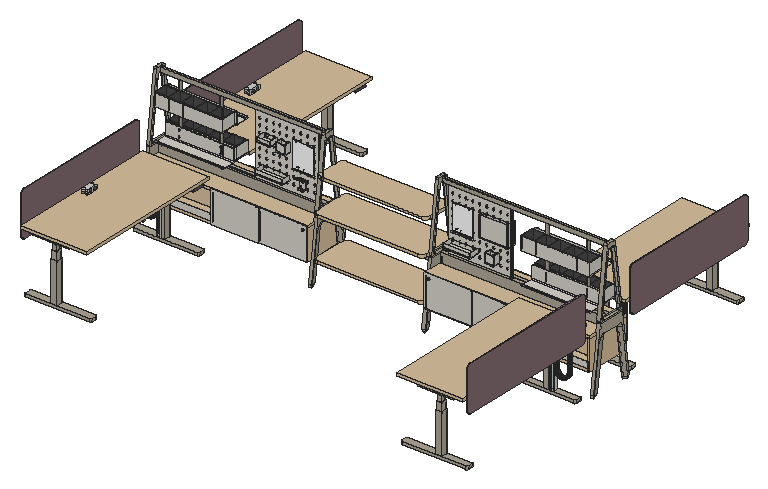
Revit family "Layout-Teknion-Expansion_Cityline_Upper_Structure_01-R2021", category Furniture Systems, Revit 2021 (continued)
Definition of nested family "Accessories-Teknion-JZTMA_Lift_And_Drop_Tile_Metal_Accessory-R2021"
  Dimensions and locks (in)
    Sweep 6 sketch curve to Sweep 6 sketch curve to Sweep 6 sketch curve to Sweep 6 sketch curve to Sweep 6 sketch curve to Sweep 6 sketch curve to Sweep 6 sketch curve to Sweep 6 sketch curve to Sweep 6 sketch curve to Sweep 6 sketch curve to Sweep 6 sketch curve to Sweep 6 sketch curve to Sweep 6 sketch curve to Sweep 6 sketch curve to Sweep 6 sketch curve to Sweep 6 sketch curve to Sweep 6 sketch curve to Sweep 6 sketch curve to Sweep 6 sketch curve to Sweep 6 sketch curve to Sweep 6 sketch curve to Sweep 6 sketch curve to Sweep 6 sketch curve to Sweep 6 sketch curve to Sweep 6 sketch curve to Sweep 6 sketch curve to plane 3 "Center Left/Right" to Sweep 6 sketch curve to Sweep 6 sketch curve to Sweep 6 sketch curve to Sweep 6 sketch curve to Sweep 6 sketch curve to Sweep 6 sketch curve to Sweep 6 sketch curve to Sweep 6 sketch curve to Sweep 6 sketch curve to Sweep 6 sketch curve to Sweep 6 sketch curve to Sweep 6 sketch curve to Sweep 6 sketch curve to Sweep 6 sketch curve to Sweep 6 sketch curve to Sweep 6 sketch curve to Sweep 6 sketch curve to Sweep 6 sketch curve to Sweep 6 sketch curve to Sweep 6 sketch curve to Sweep 6 sketch curve to Sweep 6 sketch curve to Sweep 6 sketch curve to Sweep 6 sketch curve to Sweep 6 sketch curve to Sweep 6 sketch curve = 0.22638" locked, 0.35433" locked, 0.22638" locked, 2.19291" locked, 0.22638" locked, 0.35433" locked, 0.22638" locked, 2.19291" locked, 0.22638" locked, 0.35433" locked, 0.22638" locked, 2.19291" locked, 0.22638" locked, 0.35433" locked, 0.22638" locked, 2.19291" locked, 0.22638" locked, 0.35433" locked, 0.22638" locked, 2.19291" locked, 0.22638" locked, 0.35433" locked, 0.22638" locked, 2.19291" locked, 0.22638" locked, 0.17717" locked, 0.17717" locked, 0.22638" locked, 2.19291" locked, 0.22638" locked, 0.35433" locked, 0.22638" locked, 2.19291" locked, 0.22638" locked, 0.35433" locked, 0.22638" locked, 2.19291" locked, 0.22638" locked, 0.35433" locked, 0.22638" locked, 2.19291" locked, 0.22638" locked, 0.35433" locked, 0.22638" locked, 2.19291" locked, 0.22638" locked, 0.35433" locked, 0.22638" locked, 2.19291" locked, 0.22638" locked, 0.35433" locked, 0.22638" locked
    locked: Sweep 7 sketch curve to plane 1 "Center Front/Back" at 1.5
    "Cut-Out - Plus (57)": Sweep 7 sketch curve to Sweep 7 sketch curve
    Sweep 7 sketch curve to Sweep 7 sketch curve to Sweep 7 sketch curve to Sweep 7 sketch curve to plane 9 = 0.22638" locked, 0.35433" locked, 0.22638" locked, 11.95093" locked
    Sweep 7 sketch curve to Sweep 7 sketch curve to Sweep 7 sketch curve to Sweep 7 sketch curve to Sweep 7 sketch curve to Sweep 7 sketch curve to Sweep 7 sketch curve to Sweep 7 sketch curve to Sweep 7 sketch curve to Sweep 7 sketch curve to Sweep 7 sketch curve to Sweep 7 sketch curve to Sweep 7 sketch curve to Sweep 7 sketch curve to Sweep 7 sketch curve to Sweep 7 sketch curve to Sweep 7 sketch curve to Sweep 7 sketch curve to Sweep 7 sketch curve to Sweep 7 sketch curve to Sweep 7 sketch curve to Sweep 7 sketch curve to Sweep 7 sketch curve to Sweep 7 sketch curve to Sweep 7 sketch curve to Sweep 7 sketch curve to plane 3 "Center Left/Right" to Sweep 7 sketch curve to Sweep 7 sketch curve to Sweep 7 sketch curve to Sweep 7 sketch curve to Sweep 7 sketch curve to Sweep 7 sketch curve to Sweep 7 sketch curve to Sweep 7 sketch curve to Sweep 7 sketch curve to Sweep 7 sketch curve to Sweep 7 sketch curve to Sweep 7 sketch curve to Sweep 7 sketch curve to Sweep 7 sketch curve to Sweep 7 sketch curve to Sweep 7 sketch curve to Sweep 7 sketch curve to Sweep 7 sketch curve to Sweep 7 sketch curve to Sweep 7 sketch curve to Sweep 7 sketch curve to Sweep 7 sketch curve to Sweep 7 sketch curve to Sweep 7 sketch curve to Sweep 7 sketch curve to Sweep 7 sketch curve = 0.22638" locked, 0.35433" locked, 0.22638" locked, 2.19291" locked, 0.22638" locked, 0.35433" locked, 0.22638" locked, 2.19291" locked, 0.22638" locked, 0.35433" locked, 0.22638" locked, 2.19291" locked, 0.22638" locked, 0.35433" locked, 0.22638" locked, 2.19291" locked, 0.22638" locked, 0.35433" locked, 0.22638" locked, 2.19291" locked, 0.22638" locked, 0.35433" locked, 0.22638" locked, 2.19291" locked, 0.22638" locked, 0.17717" locked, 0.17717" locked, 0.22638" locked, 2.19291" locked, 0.22638" locked, 0.35433" locked, 0.22638" locked, 2.19291" locked, 0.22638" locked, 0.35433" locked, 0.22638" locked, 2.19291" locked, 0.22638" locked, 0.35433" locked, 0.22638" locked, 2.19291" locked, 0.22638" locked, 0.35433" locked, 0.22638" locked, 2.19291" locked, 0.22638" locked, 0.35433" locked, 0.22638" locked, 2.19291" locked, 0.22638" locked, 0.35433" locked, 0.22638" locked
    locked: Sweep 8 sketch curve to plane 1 "Center Front/Back" at 1.5
    "Cut-Out - Plus (57)": Sweep 8 sketch curve to Sweep 8 sketch curve
    Sweep 8 sketch curve to Sweep 8 sketch curve to Sweep 8 sketch curve to Sweep 8 sketch curve to plane 9 = 0.22638" locked, 0.35433" locked, 0.22638" locked, 14.95093" locked
    Sweep 8 sketch curve to Sweep 8 sketch curve to Sweep 8 sketch curve to Sweep 8 sketch curve to Sweep 8 sketch curve to Sweep 8 sketch curve to Sweep 8 sketch curve to Sweep 8 sketch curve to Sweep 8 sketch curve to Sweep 8 sketch curve to Sweep 8 sketch curve to Sweep 8 sketch curve to Sweep 8 sketch curve to Sweep 8 sketch curve to Sweep 8 sketch curve to Sweep 8 sketch curve to Sweep 8 sketch curve to Sweep 8 sketch curve to Sweep 8 sketch curve to Sweep 8 sketch curve to Sweep 8 sketch curve to Sweep 8 sketch curve to Sweep 8 sketch curve to Sweep 8 sketch curve to Sweep 8 sketch curve to Sweep 8 sketch curve to plane 3 "Center Left/Right" to Sweep 8 sketch curve to Sweep 8 sketch curve to Sweep 8 sketch curve to Sweep 8 sketch curve to Sweep 8 sketch curve to Sweep 8 sketch curve to Sweep 8 sketch curve to Sweep 8 sketch curve to Sweep 8 sketch curve to Sweep 8 sketch curve to Sweep 8 sketch curve to Sweep 8 sketch curve to Sweep 8 sketch curve to Sweep 8 sketch curve to Sweep 8 sketch curve to Sweep 8 sketch curve to Sweep 8 sketch curve to Sweep 8 sketch curve to Sweep 8 sketch curve to Sweep 8 sketch curve to Sweep 8 sketch curve to Sweep 8 sketch curve to Sweep 8 sketch curve to Sweep 8 sketch curve to Sweep 8 sketch curve to Sweep 8 sketch curve = 0.22638" locked, 0.35433" locked, 0.22638" locked, 2.19291" locked, 0.22638" locked, 0.35433" locked, 0.22638" locked, 2.19291" locked, 0.22638" locked, 0.35433" locked, 0.22638" locked, 2.19291" locked, 0.22638" locked, 0.35433" locked, 0.22638" locked, 2.19291" locked, 0.22638" locked, 0.35433" locked, 0.22638" locked, 2.19291" locked, 0.22638" locked, 0.35433" locked, 0.22638" locked, 2.19291" locked, 0.22638" locked, 0.17717" locked, 0.17717" locked, 0.22638" locked, 2.19291" locked, 0.22638" locked, 0.35433" locked, 0.22638" locked, 2.19291" locked, 0.22638" locked, 0.35433" locked, 0.22638" locked, 2.19291" locked, 0.22638" locked, 0.35433" locked, 0.22638" locked, 2.19291" locked, 0.22638" locked, 0.35433" locked, 0.22638" locked, 2.19291" locked, 0.22638" locked, 0.35433" locked, 0.22638" locked, 2.19291" locked, 0.22638" locked, 0.35433" locked, 0.22638" locked
    locked: Sweep 9 sketch curve to plane 1 "Center Front/Back" at 1.5
    "Cut-Out - Plus (57)": Sweep 9 sketch curve to Sweep 9 sketch curve
    Sweep 9 sketch curve to Sweep 9 sketch curve to Sweep 9 sketch curve to Sweep 9 sketch curve to plane 9 = 0.22638" locked, 0.35433" locked, 0.22638" locked, 17.95093" locked
    Sweep 9 sketch curve to Sweep 9 sketch curve to Sweep 9 sketch curve to Sweep 9 sketch curve to Sweep 9 sketch curve to Sweep 9 sketch curve to Sweep 9 sketch curve to Sweep 9 sketch curve to Sweep 9 sketch curve to Sweep 9 sketch curve to Sweep 9 sketch curve to Sweep 9 sketch curve to Sweep 9 sketch curve to Sweep 9 sketch curve to Sweep 9 sketch curve to Sweep 9 sketch curve to Sweep 9 sketch curve to Sweep 9 sketch curve to Sweep 9 sketch curve to Sweep 9 sketch curve to Sweep 9 sketch curve to Sweep 9 sketch curve to Sweep 9 sketch curve to Sweep 9 sketch curve to Sweep 9 sketch curve to Sweep 9 sketch curve to plane 3 "Center Left/Right" to Sweep 9 sketch curve to Sweep 9 sketch curve to Sweep 9 sketch curve to Sweep 9 sketch curve to Sweep 9 sketch curve to Sweep 9 sketch curve to Sweep 9 sketch curve to Sweep 9 sketch curve to Sweep 9 sketch curve to Sweep 9 sketch curve to Sweep 9 sketch curve to Sweep 9 sketch curve to Sweep 9 sketch curve to Sweep 9 sketch curve to Sweep 9 sketch curve to Sweep 9 sketch curve to Sweep 9 sketch curve to Sweep 9 sketch curve to Sweep 9 sketch curve to Sweep 9 sketch curve to Sweep 9 sketch curve to Sweep 9 sketch curve to Sweep 9 sketch curve to Sweep 9 sketch curve to Sweep 9 sketch curve to Sweep 9 sketch curve = 0.22638" locked, 0.35433" locked, 0.22638" locked, 2.19291" locked, 0.22638" locked, 0.35433" locked, 0.22638" locked, 2.19291" locked, 0.22638" locked, 0.35433" locked, 0.22638" locked, 2.19291" locked, 0.22638" locked, 0.35433" locked, 0.22638" locked, 2.19291" locked, 0.22638" locked, 0.35433" locked, 0.22638" locked, 2.19291" locked, 0.22638" locked, 0.35433" locked, 0.22638" locked, 2.19291" locked, 0.22638" locked, 0.17717" locked, 0.17717" locked, 0.22638" locked, 2.19291" locked, 0.22638" locked, 0.35433" locked, 0.22638" locked, 2.19291" locked, 0.22638" locked, 0.35433" locked, 0.22638" locked, 2.19291" locked, 0.22638" locked, 0.35433" locked, 0.22638" locked, 2.19291" locked, 0.22638" locked, 0.35433" locked, 0.22638" locked, 2.19291" locked, 0.22638" locked, 0.35433" locked, 0.22638" locked, 2.19291" locked, 0.22638" locked, 0.35433" locked, 0.22638" locked
    locked: Sweep 10 sketch curve to plane 1 "Center Front/Back" at 1.5
    "Cut-Out - Plus (57)": Sweep 10 sketch curve to Sweep 10 sketch curve
    Sweep 10 sketch curve to Sweep 10 sketch curve to Sweep 10 sketch curve to Sweep 10 sketch curve to plane 9 = 0.22638" locked, 0.35433" locked, 0.22638" locked, 20.95093" locked
    Sweep 10 sketch curve to Sweep 10 sketch curve to Sweep 10 sketch curve to Sweep 10 sketch curve to Sweep 10 sketch curve to Sweep 10 sketch curve to Sweep 10 sketch curve to Sweep 10 sketch curve to Sweep 10 sketch curve to Sweep 10 sketch curve to Sweep 10 sketch curve to Sweep 10 sketch curve to Sweep 10 sketch curve to Sweep 10 sketch curve to Sweep 10 sketch curve to Sweep 10 sketch curve to Sweep 10 sketch curve to Sweep 10 sketch curve to Sweep 10 sketch curve to Sweep 10 sketch curve to Sweep 10 sketch curve to Sweep 10 sketch curve to Sweep 10 sketch curve to Sweep 10 sketch curve to Sweep 10 sketch curve to Sweep 10 sketch curve to plane 3 "Center Left/Right" to Sweep 10 sketch curve to Sweep 10 sketch curve to Sweep 10 sketch curve to Sweep 10 sketch curve to Sweep 10 sketch curve to Sweep 10 sketch curve to Sweep 10 sketch curve to Sweep 10 sketch curve to Sweep 10 sketch curve to Sweep 10 sketch curve to Sweep 10 sketch curve to Sweep 10 sketch curve to Sweep 10 sketch curve to Sweep 10 sketch curve to Sweep 10 sketch curve to Sweep 10 sketch curve to Sweep 10 sketch curve to Sweep 10 sketch curve to Sweep 10 sketch curve to Sweep 10 sketch curve to Sweep 10 sketch curve to Sweep 10 sketch curve to Sweep 10 sketch curve to Sweep 10 sketch curve to Sweep 10 sketch curve to Sweep 10 sketch curve = 0.22638" locked, 0.35433" locked, 0.22638" locked, 2.19291" locked, 0.22638" locked, 0.35433" locked, 0.22638" locked, 2.19291" locked, 0.22638" locked, 0.35433" locked, 0.22638" locked, 2.19291" locked, 0.22638" locked, 0.35433" locked, 0.22638" locked, 2.19291" locked, 0.22638" locked, 0.35433" locked, 0.22638" locked, 2.19291" locked, 0.22638" locked, 0.35433" locked, 0.22638" locked, 2.19291" locked, 0.22638" locked, 0.17717" locked, 0.17717" locked, 0.22638" locked, 2.19291" locked, 0.22638" locked, 0.35433" locked, 0.22638" locked, 2.19291" locked, 0.22638" locked, 0.35433" locked, 0.22638" locked, 2.19291" locked, 0.22638" locked, 0.35433" locked, 0.22638" locked, 2.19291" locked, 0.22638" locked, 0.35433" locked, 0.22638" locked, 2.19291" locked, 0.22638" locked, 0.35433" locked, 0.22638" locked, 2.19291" locked, 0.22638" locked, 0.35433" locked, 0.22638" locked
    locked: Sweep 11 sketch curve to plane 1 "Center Front/Back" at 1.5
    "Cut-Out - Plus (57)": Sweep 11 sketch curve to Sweep 11 sketch curve
    Sweep 11 sketch curve to Sweep 11 sketch curve to Sweep 11 sketch curve to Sweep 11 sketch curve to plane 9 = 0.22638" locked, 0.35433" locked, 0.22638" locked, 23.95093" locked
    Sweep 11 sketch curve to Sweep 11 sketch curve to Sweep 11 sketch curve to Sweep 11 sketch curve to Sweep 11 sketch curve to Sweep 11 sketch curve to Sweep 11 sketch curve to Sweep 11 sketch curve to Sweep 11 sketch curve to Sweep 11 sketch curve to Sweep 11 sketch curve to Sweep 11 sketch curve to Sweep 11 sketch curve to Sweep 11 sketch curve to Sweep 11 sketch curve to Sweep 11 sketch curve to Sweep 11 sketch curve to Sweep 11 sketch curve to Sweep 11 sketch curve to Sweep 11 sketch curve to Sweep 11 sketch curve to Sweep 11 sketch curve to Sweep 11 sketch curve to Sweep 11 sketch curve to Sweep 11 sketch curve to Sweep 11 sketch curve to plane 3 "Center Left/Right" to Sweep 11 sketch curve to Sweep 11 sketch curve to Sweep 11 sketch curve to Sweep 11 sketch curve to Sweep 11 sketch curve to Sweep 11 sketch curve to Sweep 11 sketch curve to Sweep 11 sketch curve to Sweep 11 sketch curve to Sweep 11 sketch curve to Sweep 11 sketch curve to Sweep 11 sketch curve to Sweep 11 sketch curve to Sweep 11 sketch curve to Sweep 11 sketch curve to Sweep 11 sketch curve to Sweep 11 sketch curve to Sweep 11 sketch curve to Sweep 11 sketch curve to Sweep 11 sketch curve to Sweep 11 sketch curve to Sweep 11 sketch curve to Sweep 11 sketch curve to Sweep 11 sketch curve to Sweep 11 sketch curve to Sweep 11 sketch curve = 0.22638" locked, 0.35433" locked, 0.22638" locked, 2.19291" locked, 0.22638" locked, 0.35433" locked, 0.22638" locked, 2.19291" locked, 0.22638" locked, 0.35433" locked, 0.22638" locked, 2.19291" locked, 0.22638" locked, 0.35433" locked, 0.22638" locked, 2.19291" locked, 0.22638" locked, 0.35433" locked, 0.22638" locked, 2.19291" locked, 0.22638" locked, 0.35433" locked, 0.22638" locked, 2.19291" locked, 0.22638" locked, 0.17717" locked, 0.17717" locked, 0.22638" locked, 2.19291" locked, 0.22638" locked, 0.35433" locked, 0.22638" locked, 2.19291" locked, 0.22638" locked, 0.35433" locked, 0.22638" locked, 2.19291" locked, 0.22638" locked, 0.35433" locked, 0.22638" locked, 2.19291" locked, 0.22638" locked, 0.35433" locked, 0.22638" locked, 2.19291" locked, 0.22638" locked, 0.35433" locked, 0.22638" locked, 2.19291" locked, 0.22638" locked, 0.35433" locked, 0.22638" locked
    locked: Sweep 12 sketch curve to plane 1 "Center Front/Back" at 1.5
    "Cut-Out - Plus (56 & 66)": Sweep 12 sketch curve to Sweep 12 sketch curve
    Sweep 12 sketch curve to Sweep 12 sketch curve to Sweep 12 sketch curve to Sweep 12 sketch curve to plane 9 = 0.22638" locked, 0.35433" locked, 0.22638" locked, 26.95093" locked
    Sweep 12 sketch curve to Sweep 12 sketch curve to Sweep 12 sketch curve to Sweep 12 sketch curve to Sweep 12 sketch curve to Sweep 12 sketch curve to Sweep 12 sketch curve to Sweep 12 sketch curve to Sweep 12 sketch curve to Sweep 12 sketch curve to Sweep 12 sketch curve to Sweep 12 sketch curve to Sweep 12 sketch curve to Sweep 12 sketch curve to Sweep 12 sketch curve to Sweep 12 sketch curve to Sweep 12 sketch curve to Sweep 12 sketch curve to Sweep 12 sketch curve to Sweep 12 sketch curve to Sweep 12 sketch curve to Sweep 12 sketch curve to Sweep 12 sketch curve to Sweep 12 sketch curve to Sweep 12 sketch curve to Sweep 12 sketch curve to plane 3 "Center Left/Right" to Sweep 12 sketch curve to Sweep 12 sketch curve to Sweep 12 sketch curve to Sweep 12 sketch curve to Sweep 12 sketch curve to Sweep 12 sketch curve to Sweep 12 sketch curve to Sweep 12 sketch curve to Sweep 12 sketch curve to Sweep 12 sketch curve to Sweep 12 sketch curve to Sweep 12 sketch curve to Sweep 12 sketch curve to Sweep 12 sketch curve to Sweep 12 sketch curve to Sweep 12 sketch curve to Sweep 12 sketch curve to Sweep 12 sketch curve to Sweep 12 sketch curve to Sweep 12 sketch curve to Sweep 12 sketch curve to Sweep 12 sketch curve to Sweep 12 sketch curve to Sweep 12 sketch curve to Sweep 12 sketch curve to Sweep 12 sketch curve = 0.22638" locked, 0.35433" locked, 0.22638" locked, 2.19291" locked, 0.22638" locked, 0.35433" locked, 0.22638" locked, 2.19291" locked, 0.22638" locked, 0.35433" locked, 0.22638" locked, 2.19291" locked, 0.22638" locked, 0.35433" locked, 0.22638" locked, 2.19291" locked, 0.22638" locked, 0.35433" locked, 0.22638" locked, 2.19291" locked, 0.22638" locked, 0.35433" locked, 0.22638" locked, 2.19291" locked, 0.22638" locked, 0.17717" locked, 0.17717" locked, 0.22638" locked, 2.19291" locked, 0.22638" locked, 0.35433" locked, 0.22638" locked, 2.19291" locked, 0.22638" locked, 0.35433" locked, 0.22638" locked, 2.19291" locked, 0.22638" locked, 0.35433" locked, 0.22638" locked, 2.19291" locked, 0.22638" locked, 0.35433" locked, 0.22638" locked, 2.19291" locked, 0.22638" locked, 0.35433" locked, 0.22638" locked, 2.19291" locked, 0.22638" locked, 0.35433" locked, 0.22638" locked
    locked: Sweep 13 sketch curve to plane 1 "Center Front/Back" at 1.5
    "Cut-Out - Plus (56 & 66)": Sweep 13 sketch curve to Sweep 13 sketch curve
    Sweep 13 sketch curve to Sweep 13 sketch curve to Sweep 13 sketch curve to Sweep 13 sketch curve to plane 9 = 0.22638" locked, 0.35433" locked, 0.22638" locked, 29.95093" locked
    Sweep 13 sketch curve to Sweep 13 sketch curve to Sweep 13 sketch curve to Sweep 13 sketch curve to Sweep 13 sketch curve to Sweep 13 sketch curve to Sweep 13 sketch curve to Sweep 13 sketch curve to Sweep 13 sketch curve to Sweep 13 sketch curve to Sweep 13 sketch curve to Sweep 13 sketch curve to Sweep 13 sketch curve to Sweep 13 sketch curve to Sweep 13 sketch curve to Sweep 13 sketch curve to Sweep 13 sketch curve to Sweep 13 sketch curve to Sweep 13 sketch curve to Sweep 13 sketch curve to Sweep 13 sketch curve to Sweep 13 sketch curve to Sweep 13 sketch curve to Sweep 13 sketch curve to Sweep 13 sketch curve to Sweep 13 sketch curve to plane 3 "Center Left/Right" to Sweep 13 sketch curve to Sweep 13 sketch curve to Sweep 13 sketch curve to Sweep 13 sketch curve to Sweep 13 sketch curve to Sweep 13 sketch curve to Sweep 13 sketch curve to Sweep 13 sketch curve to Sweep 13 sketch curve to Sweep 13 sketch curve to Sweep 13 sketch curve to Sweep 13 sketch curve to Sweep 13 sketch curve to Sweep 13 sketch curve to Sweep 13 sketch curve to Sweep 13 sketch curve to Sweep 13 sketch curve to Sweep 13 sketch curve to Sweep 13 sketch curve to Sweep 13 sketch curve to Sweep 13 sketch curve to Sweep 13 sketch curve to Sweep 13 sketch curve to Sweep 13 sketch curve to Sweep 13 sketch curve to Sweep 13 sketch curve = 0.22638" locked, 0.35433" locked, 0.22638" locked, 2.19291" locked, 0.22638" locked, 0.35433" locked, 0.22638" locked, 2.19291" locked, 0.22638" locked, 0.35433" locked, 0.22638" locked, 2.19291" locked, 0.22638" locked, 0.35433" locked, 0.22638" locked, 2.19291" locked, 0.22638" locked, 0.35433" locked, 0.22638" locked, 2.19291" locked, 0.22638" locked, 0.35433" locked, 0.22638" locked, 2.19291" locked, 0.22638" locked, 0.17717" locked, 0.17717" locked, 0.22638" locked, 2.19291" locked, 0.22638" locked, 0.35433" locked, 0.22638" locked, 2.19291" locked, 0.22638" locked, 0.35433" locked, 0.22638" locked, 2.19291" locked, 0.22638" locked, 0.35433" locked, 0.22638" locked, 2.19291" locked, 0.22638" locked, 0.35433" locked, 0.22638" locked, 2.19291" locked, 0.22638" locked, 0.35433" locked, 0.22638" locked, 2.19291" locked, 0.22638" locked, 0.35433" locked, 0.22638" locked
    locked: Sweep 14 sketch curve to plane 1 "Center Front/Back" at 1.5
    "Cut-Out - Plus (56 & 66)": Sweep 14 sketch curve to Sweep 14 sketch curve
    Sweep 14 sketch curve to Sweep 14 sketch curve to Sweep 14 sketch curve to Sweep 14 sketch curve to plane 9 = 0.22638" locked, 0.35433" locked, 0.22638" locked, 32.95093" locked
    Sweep 14 sketch curve to Sweep 14 sketch curve to Sweep 14 sketch curve to Sweep 14 sketch curve to Sweep 14 sketch curve to Sweep 14 sketch curve to Sweep 14 sketch curve to Sweep 14 sketch curve to Sweep 14 sketch curve to Sweep 14 sketch curve to Sweep 14 sketch curve to Sweep 14 sketch curve to Sweep 14 sketch curve to Sweep 14 sketch curve to Sweep 14 sketch curve to Sweep 14 sketch curve to Sweep 14 sketch curve to Sweep 14 sketch curve to Sweep 14 sketch curve to Sweep 14 sketch curve to Sweep 14 sketch curve to Sweep 14 sketch curve to Sweep 14 sketch curve to Sweep 14 sketch curve to Sweep 14 sketch curve to Sweep 14 sketch curve to plane 3 "Center Left/Right" to Sweep 14 sketch curve to Sweep 14 sketch curve to Sweep 14 sketch curve to Sweep 14 sketch curve to Sweep 14 sketch curve to Sweep 14 sketch curve to Sweep 14 sketch curve to Sweep 14 sketch curve to Sweep 14 sketch curve to Sweep 14 sketch curve to Sweep 14 sketch curve to Sweep 14 sketch curve to Sweep 14 sketch curve to Sweep 14 sketch curve to Sweep 14 sketch curve to Sweep 14 sketch curve to Sweep 14 sketch curve to Sweep 14 sketch curve to Sweep 14 sketch curve to Sweep 14 sketch curve to Sweep 14 sketch curve to Sweep 14 sketch curve to Sweep 14 sketch curve to Sweep 14 sketch curve to Sweep 14 sketch curve to Sweep 14 sketch curve = 0.22638" locked, 0.35433" locked, 0.22638" locked, 2.19291" locked, 0.22638" locked, 0.35433" locked, 0.22638" locked, 2.19291" locked, 0.22638" locked, 0.35433" locked, 0.22638" locked, 2.19291" locked, 0.22638" locked, 0.35433" locked, 0.22638" locked, 2.19291" locked, 0.22638" locked, 0.35433" locked, 0.22638" locked, 2.19291" locked, 0.22638" locked, 0.35433" locked, 0.22638" locked, 2.19291" locked, 0.22638" locked, 0.17717" locked, 0.17717" locked, 0.22638" locked, 2.19291" locked, 0.22638" locked, 0.35433" locked, 0.22638" locked, 2.19291" locked, 0.22638" locked, 0.35433" locked, 0.22638" locked, 2.19291" locked, 0.22638" locked, 0.35433" locked, 0.22638" locked, 2.19291" locked, 0.22638" locked, 0.35433" locked, 0.22638" locked, 2.19291" locked, 0.22638" locked, 0.35433" locked, 0.22638" locked, 2.19291" locked, 0.22638" locked, 0.35433" locked, 0.22638" locked
    locked: Sweep 3 sketch curve to plane 5 "Right" at 0.62992
    locked: plane 4 "Left" to Sweep 3 sketch curve at 0.62992
    "Cut-Out - Square (56 & 66)": Sweep 15 sketch curve to Sweep 15 sketch curve
    locked: Sweep 15 sketch curve to plane 1 "Center Front/Back" at 1.22638
    Sweep 15 sketch curve to Sweep 15 sketch curve to Sweep 15 sketch curve to Sweep 15 sketch curve to Sweep 15 sketch curve to Sweep 15 sketch curve to plane 9 = 0.750" locked, 2.250" locked, 0.750" locked, 2.250" locked, 0.750" locked, 26.97947" locked
    Sweep 15 sketch curve to Sweep 15 sketch curve to Sweep 15 sketch curve to Sweep 15 sketch curve to Sweep 15 sketch curve to Sweep 15 sketch curve to Sweep 15 sketch curve to Sweep 15 sketch curve to Sweep 15 sketch curve to Sweep 15 sketch curve to Sweep 15 sketch curve to Sweep 15 sketch curve to Sweep 15 sketch curve to plane 3 "Center Left/Right" to Sweep 15 sketch curve to Sweep 15 sketch curve to Sweep 15 sketch curve to Sweep 15 sketch curve to Sweep 15 sketch curve to Sweep 15 sketch curve to Sweep 15 sketch curve to Sweep 15 sketch curve to Sweep 15 sketch curve to Sweep 15 sketch curve to Sweep 15 sketch curve to Sweep 15 sketch curve to Sweep 15 sketch curve = 0.750" locked, 2.250" locked, 0.750" locked, 2.250" locked, 0.750" locked, 2.250" locked, 0.750" locked, 2.250" locked, 0.750" locked, 2.250" locked, 0.750" locked, 2.250" locked, 0.375" locked, 0.375" locked, 2.250" locked, 0.750" locked, 2.250" locked, 0.750" locked, 2.250" locked, 0.750" locked, 2.250" locked, 0.750" locked, 2.250" locked, 0.750" locked, 2.250" locked, 0.750" locked
    plane 35 to plane 34 to plane 33 to plane 32 to plane 31 to plane 30 to plane 29 to plane 28 to plane 27 to plane 26 to plane 25 to plane 24 to plane 23 to plane 3 "Center Left/Right" to plane 22 to plane 21 to plane 20 to plane 19 to plane 18 to plane 17 to plane 16 to plane 15 to plane 14 to plane 13 to plane 12 to plane 11 to plane 10 = 1.16142" locked, 1.83858" locked, 1.16142" locked, 1.83858" locked, 1.16142" locked, 1.83858" locked, 1.16142" locked, 1.83858" locked, 1.16142" locked, 1.83858" locked, 1.16142" locked, 1.83858" locked, 0.58071" locked, 0.58071" locked, 1.83858" locked, 1.16142" locked, 1.83858" locked, 1.16142" locked, 1.83858" locked, 1.16142" locked, 1.83858" locked, 1.16142" locked, 1.83858" locked, 1.16142" locked, 1.83858" locked, 1.16142" locked
    locked: nested 4 to plane 4 "Left" at 1
    locked: plane 5 "Right" to nested 3 at 1
    aligned and locked: level to plane 2
    aligned and locked: plane 3 "Center Left/Right" to Sweep 1 sketch curve
    aligned and locked: plane 8 "Top" to Sweep 1 sketch curve
    aligned and locked: plane 9 to Sweep 1 sketch curve
    aligned and locked: plane 4 "Left" to Sweep 1 sketch curve  (x2)
    aligned and locked: plane 5 "Right" to Sweep 1 sketch curve  (x2)
    aligned and locked: plane 3 "Center Left/Right" to Sweep 2 sketch curve
    aligned and locked: Sweep 2 sketch curve to Sweep 2 sketch curve  (x374)
    aligned and locked: plane 3 "Center Left/Right" to Sweep 3 sketch curve
    aligned and locked: plane 8 "Top" to Sweep 3 sketch curve
    aligned and locked: plane 9 to Sweep 3 sketch curve
    aligned and locked: Sweep 4 sketch curve to plane 3 "Center Left/Right"
    aligned and locked: Sweep 4 sketch curve to Sweep 4 sketch curve  (x76)
    aligned and locked: Sweep 5 sketch curve to plane 3 "Center Left/Right"
    aligned and locked: Sweep 5 sketch curve to Sweep 5 sketch curve  (x76)
    aligned and locked: Sweep 6 sketch curve to plane 3 "Center Left/Right"
    aligned and locked: Sweep 6 sketch curve to Sweep 6 sketch curve  (x76)
    aligned and locked: Sweep 7 sketch curve to plane 3 "Center Left/Right"
    aligned and locked: Sweep 7 sketch curve to Sweep 7 sketch curve  (x76)
    aligned and locked: Sweep 8 sketch curve to plane 3 "Center Left/Right"
    aligned and locked: Sweep 8 sketch curve to Sweep 8 sketch curve  (x76)
    aligned and locked: Sweep 9 sketch curve to plane 3 "Center Left/Right"
    aligned and locked: Sweep 9 sketch curve to Sweep 9 sketch curve  (x76)
    aligned and locked: Sweep 10 sketch curve to plane 3 "Center Left/Right"
    aligned and locked: Sweep 10 sketch curve to Sweep 10 sketch curve  (x76)
    aligned and locked: Sweep 11 sketch curve to plane 3 "Center Left/Right"
    aligned and locked: Sweep 11 sketch curve to Sweep 11 sketch curve  (x76)
    aligned and locked: Sweep 12 sketch curve to plane 3 "Center Left/Right"
    aligned and locked: Sweep 12 sketch curve to Sweep 12 sketch curve  (x76)
    aligned and locked: Sweep 13 sketch curve to plane 3 "Center Left/Right"
    aligned and locked: Sweep 13 sketch curve to Sweep 13 sketch curve  (x76)
    aligned and locked: Sweep 14 sketch curve to plane 3 "Center Left/Right"
    aligned and locked: Sweep 14 sketch curve to Sweep 14 sketch curve  (x76)
    aligned and locked: Sweep 15 sketch curve to plane 3 "Center Left/Right"
    aligned and locked: Sweep 15 sketch curve to Sweep 15 sketch curve  (x124)
    aligned and locked: Masking region 1 sketch curve to cut or joined group 1 (Sweep 1, Sweep 2, Sweep 4, Sweep 5, Sweep 6, Sweep 7, Sweep 8, Sweep 9, Sweep 10, Sweep 11, Sweep 12, Sweep 13, Sweep 14, Sweep 15)  (x8)
    aligned and locked: curve 1 to Sweep 3
    aligned and locked: curve 2 to Sweep 3
    aligned and locked: curve 3 to Sweep 3
    aligned and locked: curve 4 to Sweep 3
    aligned and locked: cut or joined group 1 to curve 5
    aligned and locked: cut or joined group 1 to curve 6
    aligned and locked: curve 8 to plane 10
    aligned and locked: curve 7 to plane 11
    aligned and locked: curve 12 to plane 12
    aligned and locked: curve 11 to cut or joined group 1
    aligned and locked: curve 10 to cut or joined group 1
    aligned and locked: curve 9 to plane 13
    aligned and locked: curve 16 to plane 14
    aligned and locked: curve 15 to cut or joined group 1
    aligned and locked: curve 14 to cut or joined group 1
    aligned and locked: curve 13 to plane 15
    aligned and locked: curve 20 to plane 16
    aligned and locked: curve 19 to cut or joined group 1
    aligned and locked: curve 18 to cut or joined group 1
    aligned and locked: curve 17 to plane 17
    aligned and locked: curve 24 to plane 18
    aligned and locked: curve 23 to cut or joined group 1
    aligned and locked: curve 22 to cut or joined group 1
    aligned and locked: curve 21 to plane 19
    aligned and locked: curve 28 to plane 20
    aligned and locked: curve 27 to cut or joined group 1
    aligned and locked: curve 26 to cut or joined group 1
    aligned and locked: curve 25 to plane 21
    aligned and locked: curve 32 to plane 22
    aligned and locked: curve 31 to cut or joined group 1
    aligned and locked: curve 30 to cut or joined group 1
    aligned and locked: curve 29 to plane 23
    aligned and locked: curve 36 to plane 24
    aligned and locked: curve 35 to cut or joined group 1
    aligned and locked: curve 34 to cut or joined group 1
    aligned and locked: curve 33 to plane 25
    aligned and locked: curve 40 to plane 26
    aligned and locked: curve 39 to cut or joined group 1
    aligned and locked: curve 38 to cut or joined group 1
    aligned and locked: curve 37 to plane 27
    aligned and locked: curve 44 to plane 28
    aligned and locked: curve 43 to cut or joined group 1
    aligned and locked: curve 42 to cut or joined group 1
    aligned and locked: curve 41 to plane 29
    aligned and locked: curve 48 to plane 30
    aligned and locked: curve 47 to cut or joined group 1
    aligned and locked: curve 46 to cut or joined group 1
    aligned and locked: curve 45 to plane 31
    aligned and locked: curve 52 to plane 32
    aligned and locked: curve 51 to cut or joined group 1
    aligned and locked: curve 50 to cut or joined group 1
    aligned and locked: curve 49 to plane 33
    aligned and locked: curve 56 to plane 34
    aligned and locked: curve 55 to cut or joined group 1
    aligned and locked: cut or joined group 1 to curve 54
    aligned and locked: curve 53 to plane 35
    aligned and locked: curve 57 to cut or joined group 1
    aligned and locked: cut or joined group 1 to curve 58
    aligned and locked: curve 59 to cut or joined group 1
    aligned and locked: cut or joined group 1 to curve 60
    aligned and locked: curve 61 to cut or joined group 1
    aligned and locked: cut or joined group 1 to curve 62
    aligned and locked: curve 63 to cut or joined group 1
    aligned and locked: cut or joined group 1 to curve 64
    aligned and locked: curve 65 to cut or joined group 1
    aligned and locked: cut or joined group 1 to curve 66
    aligned and locked: curve 67 to cut or joined group 1
    aligned and locked: cut or joined group 1 to curve 68
    aligned and locked: curve 69 to cut or joined group 1
    aligned and locked: cut or joined group 1 to curve 70
    aligned and locked: curve 71 to cut or joined group 1
    aligned and locked: cut or joined group 1 to curve 72
    aligned and locked: curve 73 to cut or joined group 1
    aligned and locked: cut or joined group 1 to curve 74
    aligned and locked: curve 75 to cut or joined group 1
    aligned and locked: cut or joined group 1 to curve 76
    aligned and locked: curve 77 to cut or joined group 1
    aligned and locked: cut or joined group 1 to curve 78
    aligned and locked: curve 79 to cut or joined group 1
    aligned and locked: cut or joined group 1 to curve 80
    aligned and locked: curve 81 to cut or joined group 1
    aligned and locked: cut or joined group 1 to curve 82
    aligned and locked: plane 1 "Center Front/Back" to nested 4
    aligned and locked: plane 7 "Front" to nested 2
    aligned and locked: nested 1 to plane 6 "Back"
    aligned and locked: nested 1 to plane 3 "Center Left/Right"
    aligned and locked: nested 2 to plane 3 "Center Left/Right"
    aligned and locked: plane 1 "Center Front/Back" to nested 3
    aligned and locked: curve 83 to plane 4 "Left"
    aligned and locked: curve 84 to plane 6 "Back"
    aligned and locked: plane 7 "Front" to curve 85
    aligned and locked: curve 86 to plane 5 "Right"
  Automatic sketch dimensions
    plane 1 "Center Front/Back" to Sweep 1 sketch curve = 0.000"  (x4)
    Sweep 1 sketch curve to Sweep 1 sketch curve = 0.000"  (x4)
    Sweep 4 sketch curve to Sweep 4 sketch curve = 0.22638"  (x24)
    Sweep 5 sketch curve to Sweep 5 sketch curve = 0.22638"  (x24)
    Sweep 6 sketch curve to Sweep 6 sketch curve = 0.22638"  (x24)
    Sweep 7 sketch curve to Sweep 7 sketch curve = 0.22638"  (x24)
    Sweep 8 sketch curve to Sweep 8 sketch curve = 0.22638"  (x24)
    Sweep 9 sketch curve to Sweep 9 sketch curve = 0.22638"  (x24)
    Sweep 10 sketch curve to Sweep 10 sketch curve = 0.22638"  (x24)
    Sweep 11 sketch curve to Sweep 11 sketch curve = 0.22638"  (x24)
    Sweep 12 sketch curve to Sweep 12 sketch curve = 0.22638"  (x24)
    Sweep 13 sketch curve to Sweep 13 sketch curve = 0.22638"  (x24)
    Sweep 14 sketch curve to Sweep 14 sketch curve = 0.22638"  (x24)
    plane 4 "Left" to Masking region 1 sketch curve = 0.08858"
    Masking region 1 sketch curve to Masking region 1 sketch curve = 0.000"  (x2)
    plane 5 "Right" to Masking region 1 sketch curve = 0.08858"
    plane 7 "Front" to curve 42 = 0.000"
    plane 7 "Front" to curve 41 = 0.000"
    plane 7 "Front" to curve 44 = 0.000"
    plane 7 "Front" to curve 40 = 0.000"
    plane 7 "Front" to curve 82 = 0.000"
    plane 7 "Front" to curve 45 = 0.000"
    plane 7 "Front" to curve 39 = 0.000"
    plane 7 "Front" to curve 81 = 0.000"
    plane 7 "Front" to curve 5 = 0.000"
    plane 7 "Front" to curve 80 = 0.000"
    plane 7 "Front" to curve 79 = 0.000"
    plane 7 "Front" to curve 6 = 0.000"
    plane 7 "Front" to curve 78 = 0.000"
    plane 7 "Front" to curve 7 = 0.000"
    plane 7 "Front" to curve 77 = 0.000"
    plane 7 "Front" to curve 8 = 0.000"
    plane 7 "Front" to curve 76 = 0.000"
    plane 7 "Front" to curve 9 = 0.000"
    plane 7 "Front" to curve 75 = 0.000"
    plane 7 "Front" to curve 10 = 0.000"
    plane 7 "Front" to curve 74 = 0.000"
    plane 7 "Front" to curve 11 = 0.000"
    plane 7 "Front" to curve 73 = 0.000"
    plane 7 "Front" to curve 12 = 0.000"
    plane 7 "Front" to curve 72 = 0.000"
    plane 7 "Front" to curve 13 = 0.000"
    plane 7 "Front" to curve 71 = 0.000"
    plane 7 "Front" to curve 14 = 0.000"
    plane 7 "Front" to curve 70 = 0.000"
    plane 7 "Front" to curve 15 = 0.000"
    plane 7 "Front" to curve 69 = 0.000"
    plane 7 "Front" to curve 16 = 0.000"
    plane 7 "Front" to curve 68 = 0.000"
    plane 7 "Front" to curve 17 = 0.000"
    plane 7 "Front" to curve 67 = 0.000"
    plane 7 "Front" to curve 18 = 0.000"
    plane 7 "Front" to curve 66 = 0.000"
    plane 7 "Front" to curve 19 = 0.000"
    plane 7 "Front" to curve 65 = 0.000"
    plane 7 "Front" to curve 20 = 0.000"
    plane 7 "Front" to curve 64 = 0.000"
    plane 7 "Front" to curve 21 = 0.000"
    plane 7 "Front" to curve 63 = 0.000"
    plane 7 "Front" to curve 22 = 0.000"
    plane 7 "Front" to curve 62 = 0.000"
    plane 7 "Front" to curve 23 = 0.000"
    plane 7 "Front" to curve 61 = 0.000"
    plane 7 "Front" to curve 24 = 0.000"
    plane 7 "Front" to curve 60 = 0.000"
    plane 7 "Front" to curve 25 = 0.000"
    plane 7 "Front" to curve 59 = 0.000"
    plane 7 "Front" to curve 26 = 0.000"
    plane 7 "Front" to curve 58 = 0.000"
    plane 7 "Front" to curve 27 = 0.000"
    plane 7 "Front" to curve 57 = 0.000"
    plane 7 "Front" to curve 28 = 0.000"
    plane 7 "Front" to curve 56 = 0.000"
    plane 7 "Front" to curve 29 = 0.000"
    plane 7 "Front" to curve 55 = 0.000"
    plane 7 "Front" to curve 30 = 0.000"
    plane 7 "Front" to curve 54 = 0.000"
    plane 7 "Front" to curve 31 = 0.000"
    plane 7 "Front" to curve 53 = 0.000"
    plane 7 "Front" to curve 32 = 0.000"
    plane 7 "Front" to curve 52 = 0.000"
    plane 7 "Front" to curve 33 = 0.000"
    plane 7 "Front" to curve 51 = 0.000"
    plane 7 "Front" to curve 34 = 0.000"
    plane 7 "Front" to curve 50 = 0.000"
    plane 7 "Front" to curve 35 = 0.000"
    plane 7 "Front" to curve 49 = 0.000"
    plane 7 "Front" to curve 36 = 0.000"
    plane 7 "Front" to curve 48 = 0.000"
    plane 7 "Front" to curve 37 = 0.000"
    plane 7 "Front" to curve 47 = 0.000"
    plane 7 "Front" to curve 38 = 0.000"
    plane 7 "Front" to curve 46 = 0.000"
    plane 7 "Front" to curve 43 = 0.000"
    curve 45 to plane 6 "Back" = 0.000"
    curve 40 to plane 6 "Back" = 0.000"
    curve 46 to plane 6 "Back" = 0.000"
    curve 39 to plane 6 "Back" = 0.000"
    curve 47 to plane 6 "Back" = 0.000"
    curve 38 to plane 6 "Back" = 0.000"
    curve 48 to plane 6 "Back" = 0.000"
    curve 37 to plane 6 "Back" = 0.000"
    curve 49 to plane 6 "Back" = 0.000"
    curve 36 to plane 6 "Back" = 0.000"
    curve 50 to plane 6 "Back" = 0.000"
    curve 35 to plane 6 "Back" = 0.000"
    curve 51 to plane 6 "Back" = 0.000"
    curve 34 to plane 6 "Back" = 0.000"
    curve 52 to plane 6 "Back" = 0.000"
    curve 33 to plane 6 "Back" = 0.000"
    curve 53 to plane 6 "Back" = 0.000"
    curve 32 to plane 6 "Back" = 0.000"
    curve 54 to plane 6 "Back" = 0.000"
    curve 31 to plane 6 "Back" = 0.000"
    curve 55 to plane 6 "Back" = 0.000"
    curve 30 to plane 6 "Back" = 0.000"
    curve 56 to plane 6 "Back" = 0.000"
    curve 29 to plane 6 "Back" = 0.000"
    curve 57 to plane 6 "Back" = 0.000"
    curve 28 to plane 6 "Back" = 0.000"
    curve 27 to plane 6 "Back" = 0.000"
    curve 58 to plane 6 "Back" = 0.000"
    curve 59 to plane 6 "Back" = 0.000"
    curve 26 to plane 6 "Back" = 0.000"
    curve 25 to plane 6 "Back" = 0.000"
    curve 60 to plane 6 "Back" = 0.000"
    curve 61 to plane 6 "Back" = 0.000"
    curve 24 to plane 6 "Back" = 0.000"
    curve 23 to plane 6 "Back" = 0.000"
    curve 62 to plane 6 "Back" = 0.000"
    curve 41 to plane 6 "Back" = 0.000"
    curve 22 to plane 6 "Back" = 0.000"
    curve 21 to plane 6 "Back" = 0.000"
    curve 64 to plane 6 "Back" = 0.000"
    curve 65 to plane 6 "Back" = 0.000"
    curve 20 to plane 6 "Back" = 0.000"
    curve 19 to plane 6 "Back" = 0.000"
    curve 66 to plane 6 "Back" = 0.000"
    curve 67 to plane 6 "Back" = 0.000"
    curve 18 to plane 6 "Back" = 0.000"
    curve 17 to plane 6 "Back" = 0.000"
    curve 68 to plane 6 "Back" = 0.000"
    curve 69 to plane 6 "Back" = 0.000"
    curve 16 to plane 6 "Back" = 0.000"
    curve 15 to plane 6 "Back" = 0.000"
    curve 70 to plane 6 "Back" = 0.000"
    curve 71 to plane 6 "Back" = 0.000"
    curve 14 to plane 6 "Back" = 0.000"
    curve 13 to plane 6 "Back" = 0.000"
    curve 72 to plane 6 "Back" = 0.000"
    curve 73 to plane 6 "Back" = 0.000"
    curve 12 to plane 6 "Back" = 0.000"
    curve 11 to plane 6 "Back" = 0.000"
    curve 74 to plane 6 "Back" = 0.000"
    curve 75 to plane 6 "Back" = 0.000"
    curve 10 to plane 6 "Back" = 0.000"
    curve 9 to plane 6 "Back" = 0.000"
    curve 76 to plane 6 "Back" = 0.000"
    curve 77 to plane 6 "Back" = 0.000"
    curve 8 to plane 6 "Back" = 0.000"
    curve 7 to plane 6 "Back" = 0.000"
    curve 78 to plane 6 "Back" = 0.000"
    curve 79 to plane 6 "Back" = 0.000"
    curve 6 to plane 6 "Back" = 0.000"
    curve 5 to plane 6 "Back" = 0.000"
    curve 80 to plane 6 "Back" = 0.000"
    curve 81 to plane 6 "Back" = 0.000"
    curve 44 to plane 6 "Back" = 0.000"
    curve 42 to plane 6 "Back" = 0.000"
    curve 82 to plane 6 "Back" = 0.000"
    curve 63 to plane 6 "Back" = 0.000"
    curve 43 to plane 6 "Back" = 0.000"
  Nested families (in)
    nested 1: "Teknion_2D_Node_Family-R2016" at (21, 0.22638, 0), type "Teknion_2D_Node_Family-R2016"
    nested 2: "Teknion_2D_Node_Family-R2016" at (21, -0.22638, 0), type "Teknion_2D_Node_Family-R2016"
    nested 3: "Teknion_2D_Node_Family-R2016" at (39, 0, 0), type "Teknion_2D_Node_Family-R2016"
    nested 4: "Teknion_2D_Node_Family-R2016" at (3, 0, 0), type "Teknion_2D_Node_Family-R2016"
  Definition of nested family "Teknion_2D_Node_Family-R2016"
    Reference planes (in)
      plane 1 "Center (Front/Back)": y = 0
      plane 2: z = 0
      plane 3 "Center (Left/Right)": x = 0
    Lines and regions (in)
      detail lines, in view "Ref. Level"
        curve 1: circle (0, 0, 0) r 1.25 normal (0, 0, 1)
        curve 2: line (1.91508, -1.91508, 0) -> (-1.91508, 1.91508, 0)
        curve 3: line (-1.91508, -1.91508, 0) -> (1.91508, 1.91508, 0)
Definition of nested family "Desk_Structures-Teknion-JZSUR_EZ_Upper_Rail_For_Lift_And_Drop_Tile-R2021"
  Parameters (values of type "Datum Height 56"")
    Width [instance] = 84.000"
    Warranty = "http://www.teknion.com/ca/papers/legal-canada"
    Unit Weight URL = "http://www.teknion.com/ca/tools/assets#&asset=bee6a381-b954-425e-8283-5a2de3a804f2,f828d448-4b62-4231-9e5f-9a8991c0ed77"
    URL = "www.teknion.com"
    To render please download texture images found here [instance] = "https://assets.teknion.com/web/5e81352c1dfdb467/revit-material-swatches/"
    Sustainability Data = "https://www.teknion.com/ca/tools/assets#&topic=216f99a5-57a0-44fc-b10a-9dee9b29ae4c&asset=444deb64-fe58-4b68-981e-f75e97781df7,b4ff2d81-9f2e-437d-9659-7cffb09c31cf"
    Series = "Expansion Cityline"  # constant formula
    Product Page URL = "https://www.teknion.com/ca/products/product-details?productLineId=9ad2a26e-8e7a-673b-a6c8-ff05004460c4"
    Product Line = "EZ Fence Structure"  # constant formula
    Product Documentation Link = "https://www.teknion.com/pricing/expansion-cityline/pdfs/JZSUR_ppg.pdf"
    Part Number = "JZSUR"  # constant formula
    Model = "JZSUR__56"
    Manufacturer Phone = "416-661-3370"  # constant formula
    Manufacturer Fax = "416.661.4586"  # constant formula
    Manufacturer Contact Information = "http://www.teknion.com/ca/contactus"
    Manufacturer Address = "1150 Flint Road, Toronto, ON. M3J 2J5. Canada"  # constant formula
    Manufacturer = "Teknion"  # constant formula
    How To Use Teknion Materials User Guide [instance] = "https://assets.teknion.com/m/205dd0a49fa58060/original/How-to-add-a-Material-Library-and-Texture-Images-to-your-Revit-project.pdf"
    Frame Finish [instance] = none
    For Additional Finishes please visit [instance] = "https://assets.teknion.com/m/44a8009b046e5d47/original/Teknion_Materials_Library.zip"
    Description = "EZ Upper Rail for Lift and Drop Tile - 56\" Datum Height"
    Default Elevation = 0.000"
    Datum Height = 56.000"
    Available Width [instance] = "48, 54, 60, 66, 72, 78 & 84 Inch"  # constant formula
    Assembly Code = "E2020200"
  Types (4): name | Model | Description | Datum Height
    (no name) | "JZSUR__56" | "EZ Upper Rail for Lift and Drop Tile - 56\" Datum Height" | 56.000"
    Datum Height 66" | "JZSUR__66" | "EZ Upper Rail for Lift and Drop Tile - 66\" Datum Height" | 66.000"
    Datum Height 57" | "JZSUR__57" | "EZ Upper Rail for Lift and Drop Tile - 57\" Datum Height" | 57.000"
    Datum Height 56" | "JZSUR__56" | "EZ Upper Rail for Lift and Drop Tile - 56\" Datum Height" | 56.000"
  Reference planes (in)
    plane 1 "Center Front/Back": y = 0
    plane 2: z = 0
    plane 3 "Center Left/Right": x = 42
    plane 4 "Left": x = 0
    plane 5 "Right": x = 84
    plane 6 "Back": y = 0.59055
    plane 7 "Front": y = -0.59055
    plane 8 "Top": z = 56
  Forms (in)
    Sweep 1, solid, material <- "Frame Finish"
      path origin (0, 0, 0) x (1, 0, 0) y (0, 1, 0)
        loop
          line (0, 0) -> (84, 0)
      profile origin (42, 0, 0) x (0, 1, 0) y (0, 0, 1)
        loop
          line (0.3937, 57.88976) -> (-0.3937, 57.88976)
          arc (-0.3937, 57.88976) -> (-0.5329, 57.83211) -> (-0.59055, 57.69291) r 0.19685
          line (-0.59055, 57.69291) -> (-0.59055, 56) -> (0.59055, 56) -> (0.59055, 57.69291)
          arc (0.59055, 57.69291) -> (0.5329, 57.83211) -> (0.3937, 57.88976) r 0.19685
  Lines and regions (in)
    Masking region 1
      outline origin (0, 0, 0) x (1, 0, 0) y (0, 1, 0)
        loop
          line (84, 0.59055) -> (0, 0.59055) -> (0, -0.59055) -> (84, -0.59055) -> (84, 0.59055)
    reference lines
      curve 1: line (84, 0.59055, 0) -> (84, -0.59055, 0)
      curve 2: line (84, -0.59055, 0) -> (0, -0.59055, 0)
      curve 3: line (0, -0.59055, 0) -> (0, 0.59055, 0)
      curve 4: line (0, 0.59055, 0) -> (84, 0.59055, 0)
  Dimensions and locks (in)
    "Width": plane 4 "Left" to plane 5 "Right"
    locked: plane 6 "Back" to plane 7 "Front" at 1.1811
    "Datum Height": plane 8 "Top" to level
    equal spacing: plane 4 "Left", plane 3 "Center Left/Right", plane 5 "Right"
    equal spacing: plane 6 "Back", plane 1 "Center Front/Back", plane 7 "Front"
    locked: Sweep 1 sketch curve to plane 8 "Top" at 1.69291  (x2)
    locked: Sweep 1 sketch curve to plane 8 "Top" at 1.88976
    aligned and locked: level to plane 2
    aligned and locked: plane 1 "Center Front/Back" to Sweep 1 sketch curve
    aligned and locked: plane 5 "Right" to Sweep 1 sketch curve
    aligned and locked: plane 4 "Left" to Sweep 1 sketch curve
    aligned and locked: Sweep 1 sketch curve to plane 8 "Top"
    aligned and locked: plane 7 "Front" to Sweep 1 sketch curve
    aligned and locked: plane 6 "Back" to Sweep 1 sketch curve
    aligned and locked: Masking region 1 sketch curve to Sweep 1  (x4)
    aligned and locked: plane 1 "Center Front/Back" to nested 2
    aligned and locked: nested 2 to plane 5 "Right"
    aligned and locked: nested 1 to plane 1 "Center Front/Back"
    aligned and locked: nested 1 to plane 4 "Left"
    aligned and locked: curve 4 to plane 6 "Back"
    aligned and locked: curve 1 to plane 5 "Right"
    aligned and locked: curve 2 to plane 7 "Front"
    aligned and locked: curve 3 to plane 4 "Left"
  Nested families (in)
    nested 1: "Teknion_2D_Node_Family-R2016" at (0, 0, 0), type "Teknion_2D_Node_Family-R2016"
    nested 2: "Teknion_2D_Node_Family-R2016" at (84, 0, 0), type "Teknion_2D_Node_Family-R2016"
  Definition of nested family "Teknion_2D_Node_Family-R2016"
    Reference planes (in)
      plane 1 "Center (Front/Back)": y = 0
      plane 2: z = 0
      plane 3 "Center (Left/Right)": x = 0
    Lines and regions (in)
      detail lines, in view "Ref. Level"
        curve 1: circle (0, 0, 0) r 1.25 normal (0, 0, 1)
        curve 2: line (1.91508, -1.91508, 0) -> (-1.91508, 1.91508, 0)
        curve 3: line (-1.91508, -1.91508, 0) -> (1.91508, 1.91508, 0)
Definition of nested family "Accessories-Teknion-JZTPS_Lift_And_Drop_Vertical_Poles-R2021"
  Parameters (values of type "Standard Height, 66 Datum Height, Two-Accessories Height")
    Width [instance] = 42.000"
    Warranty = "http://www.teknion.com/ca/papers/legal-canada"
    Unit Weight URL = "http://www.teknion.com/ca/tools/assets#&asset=bee6a381-b954-425e-8283-5a2de3a804f2,f828d448-4b62-4231-9e5f-9a8991c0ed77"
    URL = "www.teknion.com"
    To render please download texture images found here [instance] = "https://assets.teknion.com/web/5e81352c1dfdb467/revit-material-swatches/"
    Sustainability Data = "https://www.teknion.com/ca/tools/assets#&topic=216f99a5-57a0-44fc-b10a-9dee9b29ae4c&asset=444deb64-fe58-4b68-981e-f75e97781df7,b4ff2d81-9f2e-437d-9659-7cffb09c31cf"
    Series = "Expansion Cityline"  # constant formula
    Product Page URL = "https://www.teknion.com/ca/products/product-details?productLineId=9ad2a26e-8e7a-673b-a6c8-ff05004460c4"
    Product Line = "EZ Lift & Drop Tiles And Shelves"  # constant formula
    Product Documentation Link = "https://www.teknion.com/pricing/expansion-cityline/pdfs/JZTPS_ppg.pdf"
    Pole Finish [instance] = none
    Part Number = "JZTPS"  # constant formula
    Model = "JZTPSC66__2"
    Manufacturer Phone = "416-661-3370"  # constant formula
    Manufacturer Fax = "416.661.4586"  # constant formula
    Manufacturer Contact Information = "http://www.teknion.com/ca/contactus"
    Manufacturer Address = "1150 Flint Road, Toronto, ON. M3J 2J5. Canada"  # constant formula
    Manufacturer = "Teknion"  # constant formula
    Length 2 = if(Datum Height = 26.925", 10.563", if(Datum Height = 35.925", 12.563", 10.563"))  # 12.563"
    Length 1 = if(Datum Height = 26.925", 3.825", if(Datum Height = 35.925", 6.577", 3.825"))  # 6.577"
    How To Use Teknion Materials User Guide [instance] = "https://assets.teknion.com/m/205dd0a49fa58060/original/How-to-add-a-Material-Library-and-Texture-Images-to-your-Revit-project.pdf"
    For Additional Finishes please visit [instance] = "https://assets.teknion.com/m/44a8009b046e5d47/original/Teknion_Materials_Library.zip"
    Description = "Lift And Drop Vertical Poles - Standard Height (28\" Beam Height), 66 (35\") Datum Height, Two-Accessories Height"
    Default Elevation = 0.000"
    Datum Height = 35.925"
    Circle Radial = 0.500"
    Beam Height = 28.185"
    Available Width [instance] = "24, 30, 36 & 42 Inch"  # constant formula
    Assembly Code = "E2020200"
    3 Hole = if([3 Accessories Height], 5.500", 1.000")  # 1.000"
    3 Accessories Height = no
    2 Hole = if([2 Accessories Height], 5.500", 1.000")  # 5.500"
    2 Accessories Height = yes
  Types (6): name | Width | Model | Length 2 | Length 1 | Description | Datum Height | Beam Height | 3 Hole | 3 Accessories Height | 2 Hole | 2 Accessories Height
    (no name) | 42.000" | "JZTPSC66__2" | 12.563" | 6.577" | "Lift And Drop Vertical Poles - Standard Height (28\" Beam Height), 66 (35\") Datum Height, Two-Accessories Height" | 35.925" | 28.185" | 1.000" | no | 5.500" | yes
